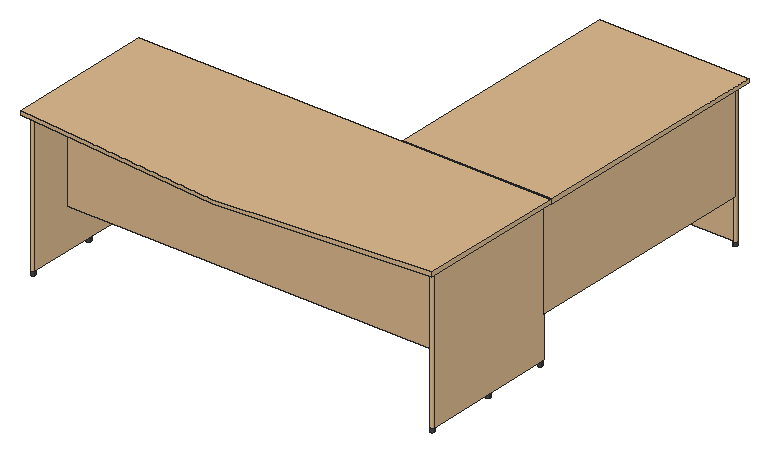
Revit family "df031285126149a0939c829b72016ca5", category Mobilier, Revit 2021
Family settings
  Basée sur le plan de construction = Non
  Toujours verticalement = Oui
  Couper avec des vides une fois chargée = Non
  Partagée = Non
  Point de calcul de pièce = Non
Parameters (values of type "2000mm x 2000mm")
  Model = ""
  Manufacturer = ""
  Default Elevation = 0 mm
  Pieds = Plastique - Noir
  Matériau de bureau = Bois - Bouleau
  Description = ""
  Assembly Code = ""
Reference planes
  plane 1 "Centre (avant/arrière)": y = 0
  plane 2: z = 0
  plane 3 "Centre (gauche/droite)": x = 0
  plane 4 "Haut": z = 720
  plane 5: z = 700
  plane 6 "base": z = 20
  plane 7 "base1": z = 220
Forms (mm)
  Extrusion 1, solid, material "Bois - Bouleau" <- "Matériau de bureau"
    sketch origin (0, 0, 0) x (1, 0, 0) y (0, 1, 0)
      loop
        line (720, 1200) -> (0, 1200) -> (0, 5) -> (720, 5) -> (720, 1200)
      loop
        line (-1280, 0) -> (-1280, -720)
        arc (-1280, -720) -> (-280, -800) -> (720, -720) r 6290
        line (720, -720) -> (720, 0) -> (-1280, 0)
    from 700 to 720
  Extrusion 2, solid, material "Bois - Bouleau" <- "Matériau de bureau"
    sketch origin (0, 0, 20) x (0, -1, 0) y (1, 0, 0)
      loop
        line (15, -1260) -> (680, -1260)
        arc (680, -1260) -> (690, -1250) -> (680, -1240) r 10
        line (680, -1240) -> (15, -1240) -> (15, -1260)
      loop
        line (-1153.822, 21.11) -> (-1153.822, 686.11)
        arc (-1153.822, 686.11) -> (-1163.822, 696.11) -> (-1173.822, 686.11) r 10
        line (-1173.822, 686.11) -> (-1173.822, 21.11) -> (-1153.822, 21.11)
      loop
        line (15, 700) -> (15, 680) -> (680, 680)
        arc (680, 680) -> (690, 690) -> (680, 700) r 10
        line (680, 700) -> (15, 700)
    from 0 to 680
  Extrusion 3, solid, material "Bois - Bouleau" <- "Matériau de bureau"
    sketch origin (0, 0, 220) x (1, 0, 0) y (0, 1, 0)
      loop
        line (680, -15) -> (700, -15) -> (700, 1145) -> (680, 1145) -> (680, -15)
      loop
        line (-1240, -470) -> (-1240, -490) -> (680, -490) -> (680, -470) -> (-1240, -470)
    from 0 to 480
  Extrusion 4, solid, material "Plastique - Noir" <- "Pieds"
    sketch origin (0, 0, 220) x (1, 0, 0) y (0, 1, 0)
      loop
        circle (-1250, -26.581) r 10
      loop
        circle (-1250, -679.344) r 10
      loop
        circle (-1250, -341.581) r 10
      loop
        circle (690, -26.581) r 10
      loop
        circle (690, -679.344) r 10
      loop
        circle (690, -341.581) r 10
      loop
        circle (33.347, 1163.822) r 10
      loop
        circle (686.11, 1163.822) r 10
      loop
        circle (348.347, 1163.822) r 10
    from -220 to -200
Dimensions and locks
  locked: plane 4 "Haut" to plane 5 at 20
  locked: Extrusion 2 sketch curve to Extrusion 2 sketch curve at 20  (x3)
  aligned and locked: Extrusion 1 to plane 4 "Haut"
  aligned and locked: plane 5 to Extrusion 1
  aligned and locked: Extrusion 2 to Extrusion 1
  aligned and locked: Extrusion 3 to Extrusion 1
  aligned and locked: Extrusion 4 to plane 6 "base"
